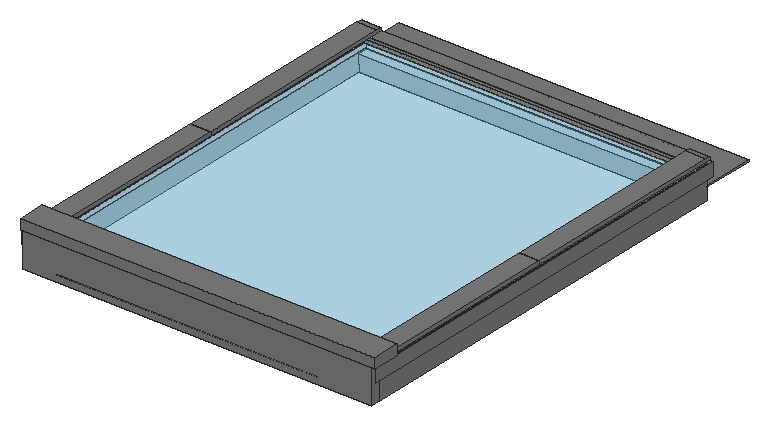
Revit family
Parameters (values of type "Default")
  g-value = "0.66"
  Window Opening Angle = 0.00°
  Window Area = 2.14
  Width = 1340.000 mm
  Warranty Years = "5 (10 with BDX)"
  Warranty = ""
  URL = "www.velux.com"
  ThermalTransmittance - Glazing = "1.1"
  ThermalTransmittance = "1.3"
  Thermal bridge(glazing) = 0.049
  Thermal bridge = "0.09"
  Thermal Transmittance(frame) = 1.3
  Stock Product = ""
  Square Reveal Length = 150.000 mm
  Sound Insulation db = 32
  Roof Slope = 45.00°
  Placement Height = 0.000 mm
  Perimeter Window = 5.88
  Perimeter Glazing = 5.13
  Panel Offset = -119.000 mm  # constant formula
  Operation Mode = "Manuel"
  Offset from Roof = Placement Height + 169.000 mm  # 169.000 mm
  Model = "New Generation - GGL"
  Material Internal = white paint color NCS 0500-N
  Material External = Aluminium. Color NCS 7500-N
  Manufacturer = "VELUX A/S"  # constant formula
  Light transmittance = "0.80"
  Height = 1600.000 mm
  GlazingAreaFraction = "1.63"
  Glazing = Standard, extra solar gain (--50)
  Function = "pivot hung roof window"
  Frame Area = 0.51
  Emergency Exit = 1 > 2  # no
  Delivery Time = ""
  Copyright = "VELUX A/S"  # constant formula
  Assembly Code = "B3020110"
  Apron Visible [instance] = yes
  Apron Material = Two layers of aluminium
  Angled opening top [instance] = 135.00°
  Angled opening bottom [instance] = 135.00°
  Angle = -(Window Opening Angle)  # 0.00°
  Allowed Roof Slope = "15°-90°"
Reference planes
  plane 1 "Center (Front/Back)": y = 0
  plane 2 "Roof": z = 4000
  plane 3 "Center (Left/Right)": x = 0
  plane 4: x = -690.1
  plane 5: x = 690.1
  plane 6: y = 817.55
  plane 7: y = -817.55
  plane 8: y = 75
  plane 9: y = -75
  plane 10: z = 4419
  plane 11: z = 4250
  plane 12: y = -797.55
  plane 13: y = -769.55
  plane 14: y = 769.55
  plane 15: x = -450
  plane 16: x = 450
  plane 17: z = 4331
  plane 18 "Roof Face": z = 4250
  plane 19: x = 463.5
  plane 20: x = -463.5
  plane 21: y = -767.45
  plane 22: z = 4175
  plane 23: y = 897.55
  plane 24: y = -897.55
  plane 25: x = 708.1
  plane 26: x = -708.1
  plane 27: x = 668.602
  plane 28: x = -668.602
  plane 29: x = -628
  plane 30: x = 628
  plane 31: y = -801.85
  plane 32: y = 809.15
  plane 33: x = 670
  plane 34: x = -670
  plane 35: y = 798.15
  plane 36: x = 642.697
  plane 37: x = -642.697
Forms (mm)
  Sweep 1, void
    path origin (0, 0, 4000) x (1, 0, 0) y (0, 1, 0)
      loop
        line (642.697, 0) -> (-642.697, 0)
    profile origin (0, 0, 4000) x (0, -1, 0) y (0, 0, 1)
      loop
        line (769.55, 250) -> (-769.55, 250) -> (-769.55, 100) -> (-869.55, 0) -> (869.55, 0) -> (769.55, 100) -> (769.55, 250)
  Sweep 2, solid, material "Aluminium. Color NCS 7500-N" <- "Material External"
    path origin (232.881, -1270, 4419) x (0, -1, 0) y (1, 0, 0)
      loop
        line (-502.55, -922.981) -> (-2068.15, -922.981)
    profile origin (-690.1, 15.35, 4419) x (-1, 0, 0) y (0, 0, 1)
      loop
        line (-56.4, -216) -> (-20.1, -216) -> (-20.1, -88.8) -> (-62.1, -88.8) -> (-62.096, -177.827) -> (-56.4, -216)
  Sweep 3, solid, material "Aluminium. Color NCS 7500-N" <- "Material External"
    path origin (232.881, -1270, 4419) x (0, -1, 0) y (1, 0, 0)
      loop
        line (-476.8, -922.981) -> (-2087.55, -922.981)
    profile origin (-690.1, 12.175, 4419) x (-1, 0, 0) y (0, 0, 1)
      loop
        line (-12.998, -138.3) -> (-11.998, -138.3) -> (-11.998, -87.65) -> (-38.148, -87.65) -> (-38.148, -78.15) -> (-39.148, -78.15) -> (-39.148, -88.65) -> (-12.998, -88.65) -> (-12.998, -138.3)
  Sweep 4, solid, material "Aluminium. Color NCS 7500-N" <- "Material External"
    path origin (232.881, -1270, 4419) x (0, -1, 0) y (1, 0, 0)
      loop
        line (-2068.15, 457.219) -> (-502.55, 457.219)
    profile origin (690.1, 15.35, 4419) x (1, 0, 0) y (0, 0, 1)
      loop
        line (-20.1, -88.8) -> (-62.1, -88.8) -> (-62.096, -177.8) -> (-56.388, -216) -> (-20.1, -216) -> (-20.1, -88.8)
  Sweep 5, solid, material "Aluminium. Color NCS 7500-N" <- "Material External"
    path origin (232.881, -1270, 4419) x (0, -1, 0) y (1, 0, 0)
      loop
        line (-452.45, -901.483) -> (-452.45, 435.721)
    profile origin (0, -817.55, 4419) x (0, 1, 0) y (0, 0, 1)
      loop
        line (31.3, -88.1) -> (15.7, -88.1) -> (15.7, -216) -> (56, -216) -> (56, -141.8) -> (39.4, -141.8) -> (39.4, -109.299) -> (31.3, -106.9) -> (31.3, -88.1)
  Sweep 6, solid, material "Aluminium. Color NCS 7500-N" <- "Material External"
    path origin (232.881, -1270, 4419) x (0, -1, 0) y (1, 0, 0)
      loop
        line (-2087.55, 402.721) -> (-2087.55, -859.483)
    profile origin (4.5, 817.55, 4419) x (0, -1, 0) y (0, 0, 1)
      loop
        line (19.4, -216) -> (55.977, -216) -> (55.977, -160) -> (43.65, -160) -> (32.021, -116.6) -> (19.4, -114.078) -> (19.4, -216)
  Sweep 7, solid, material "white paint color NCS 0500-N" <- "Material Internal"
    path origin (232.881, -1270, 4419) x (0, -1, 0) y (1, 0, 0)
      loop
        line (-452.45, -879.381) -> (-452.45, 413.619)
    profile origin (0, -817.55, 4419) x (0, 1, 0) y (0, 0, 1)
      loop
        line (31.3, -68.816) -> (31.3, -105.016) -> (39.4, -108.113) -> (39.4, -141.8) -> (80.4, -141.8) -> (80.4, -79.8) -> (70.4, -79.8) -> (70.4, -61.1) -> (39.556, -61.1) -> (31.3, -68.816)
  Sweep 8, solid, material "Aluminium. Color NCS 7500-N" <- "Material External"
    path origin (232.881, -1270, 4419) x (0, -1, 0) y (1, 0, 0)
      loop
        line (-1270, 457.219) -> (-476.8, 457.219)
    profile origin (690.1, -396.6, 4419) x (1, 0, 0) y (0, 0, 1)
      loop
        line (-22.917, -71) -> (-98.287, -71) -> (-98.287, -84.964) -> (-22.917, -84.964) -> (-22.917, -71)
  Sweep 9, solid, material "Aluminium. Color NCS 7500-N" <- "Material External"
    path origin (232.881, -1270, 4419) x (0, -1, 0) y (1, 0, 0)
      loop
        line (-452.45, 445.221) -> (-452.45, -910.983)
    profile origin (0, -817.55, 4419) x (0, -1, 0) y (0, 0, 1)
      loop
        line (-120.7, -87.95) -> (-15.7, -87.95) -> (-15.7, -47.9) -> (-120.7, -47.9) -> (-120.7, -87.95)
  Sweep 10, solid, material "Aluminium. Color NCS 7500-N" <- "Material External"
    path origin (232.881, -1270, 4419) x (0, -1, 0) y (1, 0, 0)
      loop
        line (-2087.55, 457.219) -> (-476.8, 457.219)
    profile origin (690.1, 12.175, 4419) x (1, 0, 0) y (0, 0, 1)
      loop
        line (-11.998, -138.3) -> (-11.998, -87.65) -> (-38.148, -87.65) -> (-38.148, -78.15) -> (-39.148, -78.15) -> (-39.148, -88.65) -> (-12.998, -88.65) -> (-12.998, -138.3) -> (-11.998, -138.3)
  Sweep 11, solid, material "Aluminium. Color NCS 7500-N" <- "Material External"
    path origin (232.881, -1270, 4419) x (0, -1, 0) y (1, 0, 0)
      loop
        line (-1270, -922.981) -> (-476.8, -922.981)
    profile origin (-690.1, -396.6, 4419) x (1, 0, 0) y (0, 0, 1)
      loop
        line (98.287, -71) -> (22.917, -71) -> (22.917, -84.964) -> (98.287, -84.964) -> (98.287, -71)
  Extrusion 12, solid, material "Two layers of aluminium" <- "Apron Material", visible <- "Apron Visible"
    sketch origin (232.881, -1380, 4250) x (0, -1, 0) y (1, 0, 0)
      loop
        line (-2178.15, -902.881) -> (-2178.15, 437.119) -> (-2378.15, 437.119) -> (-2378.15, -902.881) -> (-2178.15, -902.881)
    from 0 to 5
Cuts and joins
  joined: Sweep 2, Sweep 4, Sweep 5, Sweep 6
Lines and regions (mm)
  reference lines
    curve 1: line (0, 769.55, 4100) -> (0, -769.55, 4100)
    curve 2: line (0, 769.55, 4100) -> (0, 1179.961, 3689.589)
    curve 3: line (0, -769.55, 4100) -> (0, -1208.246, 3661.304)
    curve 8: line (-690.1, 0, 4419) -> (690.1, 0, 4419)
    curve 9: line (0, 0, 4250) -> (0, 900, 4250)
  symbolic lines
    curve 4: line (-690.1, 817.55, 4000) -> (0, -75, 4000)
    curve 5: line (0, -75, 4000) -> (690.1, 817.55, 4000)
    curve 6: line (-690.1, -817.55, 4000) -> (0, 75, 4000)
    curve 7: line (0, 75, 4000) -> (690.1, -817.55, 4000)
Dimensions and locks
  equal spacing: host sketch curve, plane 3 "Center (Left/Right)", host sketch curve
  equal spacing: host sketch curve, plane 1 "Center (Front/Back)", host sketch curve
  equal spacing: plane 4, plane 3 "Center (Left/Right)", plane 5
  "Width": plane 34 to plane 33
  equal spacing: plane 6, plane 1 "Center (Front/Back)", plane 7
  "Height": plane 35 to plane 31
  "Square Reveal Length": plane 18 "Roof Face" to curve 1
  plane 8 to plane 1 "Center (Front/Back)" to plane 9 = 75.000 mm locked, 75.000 mm locked
  locked: plane 7 to plane 12 at 20
  locked: plane 16 to plane 19 at 13.5
  locked: plane 20 to plane 15 at 13.5
  locked: plane 21 to plane 13 at 2.1
  locked: plane 27 to plane 5 at 21.498
  locked: plane 4 to plane 28 at 21.498
  locked: plane 13 to plane 24 at 128
  locked: plane 23 to plane 14 at 128
  locked: plane 7 to plane 13 at 48
  locked: plane 26 to plane 4 at 18
  locked: plane 5 to plane 25 at 18
  locked: plane 23 to plane 6 at 80
  locked: plane 10 to plane 11 at 169
  "Offset from Roof": plane 10 to host roof
  locked: plane 4 to plane 29 at 62.1
  locked: plane 30 to plane 5 at 62.1
  locked: plane 6 to plane 32 at 8.4
  locked: plane 31 to plane 12 at 4.3
  locked: plane 4 to plane 34 at 20.1
  locked: plane 33 to plane 5 at 20.1
  locked: Extrusion 12 sketch curve to Extrusion 12 sketch curve at 200
  locked: plane 32 to plane 35 at 11
  locked: plane 37 to plane 29 at 14.697
  locked: plane 36 to plane 30 at 14.697
  "Angled opening bottom": angle curve 2 to curve 1
  "Angled opening top": angle curve 1 to curve 3
  "Window Opening Angle": angle plane 11 to curve 9
  aligned and locked: level to plane 2 "Roof"
  aligned and locked: Sweep 1 sketch curve to plane 1 "Center (Front/Back)"
  aligned and locked: host roof to Sweep 1 sketch curve  (x2)
  aligned and locked: Sweep 1 sketch curve to curve 2
  aligned and locked: Sweep 1 sketch curve to curve 3
  aligned and locked: Sweep 2 sketch curve to plane 4
  aligned and locked: Sweep 3 sketch curve to plane 4
  aligned and locked: plane 6 to Sweep 3 sketch curve
  aligned and locked: Sweep 4 sketch curve to plane 5
  aligned and locked: Sweep 6 sketch curve to plane 6
  aligned and locked: Sweep 7 sketch curve to plane 7
  aligned and locked: plane 1 "Center (Front/Back)" to Sweep 8 sketch curve
  aligned and locked: Sweep 9 sketch curve to plane 7
  aligned and locked: Sweep 10 sketch curve to plane 5
  aligned and locked: Sweep 10 sketch curve to plane 6
  aligned and locked: Sweep 9 sketch curve to Sweep 10
  aligned and locked: Sweep 3 to Sweep 9 sketch curve
  aligned and locked: plane 1 "Center (Front/Back)" to Sweep 11 sketch curve
  aligned and locked: plane 13 to curve 1
  aligned and locked: Sweep 1 sketch curve to plane 13
  aligned and locked: plane 14 to Sweep 1 sketch curve
  aligned and locked: plane 14 to curve 1
  aligned and locked: plane 14 to curve 2
  aligned and locked: Sweep 4 sketch curve to plane 21
  aligned and locked: plane 21 to Sweep 2 sketch curve
  aligned and locked: Sweep 5 sketch curve to plane 27
  aligned and locked: plane 28 to Sweep 5 sketch curve
  aligned and locked: host roof to plane 18 "Roof Face"
  aligned and locked: plane 34 to Extrusion 12 sketch curve
  aligned and locked: Extrusion 12 sketch curve to plane 33
  aligned and locked: Sweep 6 sketch curve to plane 35
  aligned and locked: plane 35 to Sweep 2 sketch curve
  aligned and locked: Sweep 4 sketch curve to plane 35
  aligned and locked: Extrusion 12 sketch curve to plane 35
  aligned and locked: plane 34 to Sweep 2 sketch curve
  aligned and locked: plane 37 to Sweep 1 sketch curve
  aligned and locked: plane 36 to Sweep 1 sketch curve
Automatic sketch dimensions
  plane 1 "Center (Front/Back)" to curve 8 = 0.000 mm
  curve 8 to plane 5 = 0.000 mm
  plane 4 to curve 8 = 0.000 mm
  profile plane to Sweep 3 sketch curve = 39.148 mm
  Sweep 3 sketch curve to Sweep 3 sketch curve = 1.000 mm  (x3)
  profile plane to Sweep 3 sketch curve = 12.998 mm
  Sweep 3 sketch curve to profile plane = 138.300 mm
  Sweep 3 sketch curve to Sweep 3 sketch curve = 49.650 mm
  Sweep 3 sketch curve to Sweep 3 sketch curve = 9.500 mm
  plane 7 to Sweep 5 sketch curve = 0.000 mm
  Sweep 6 sketch curve to plane 4 = 63.498 mm
  profile plane to Sweep 10 sketch curve = 39.148 mm
  Sweep 10 sketch curve to Sweep 10 sketch curve = 1.000 mm  (x3)
  profile plane to Sweep 10 sketch curve = 12.998 mm
  Sweep 10 sketch curve to profile plane = 138.300 mm
  Sweep 10 sketch curve to profile plane = 88.650 mm
  Sweep 10 sketch curve to Sweep 10 sketch curve = 9.500 mm
  curve 6 to plane 7 = 0.000 mm
  curve 4 to plane 6 = 0.000 mm
  curve 7 to plane 8 = 0.000 mm
  curve 5 to plane 3 "Center (Left/Right)" = 0.000 mm
  curve 7 to plane 5 = 0.000 mm
  curve 5 to plane 5 = 0.000 mm
  plane 7 to curve 7 = 0.000 mm
  plane 9 to curve 5 = 0.000 mm
  plane 6 to curve 5 = 0.000 mm
  curve 6 to plane 3 "Center (Left/Right)" = 0.000 mm
  plane 4 to curve 4 = 0.000 mm
  plane 4 to curve 6 = 0.000 mm
  Sweep 8 sketch curve to plane 5 = 0.000 mm
  Sweep 11 sketch curve to profile plane = 22.917 mm
  Sweep 11 sketch curve to Sweep 11 sketch curve = 75.370 mm
  Sweep 11 sketch curve to plane 10 = 84.964 mm
  Sweep 11 sketch curve to Sweep 11 sketch curve = 13.964 mm
  profile plane to Sweep 8 sketch curve = 98.287 mm
  profile plane to Sweep 8 sketch curve = 22.917 mm
  Sweep 8 sketch curve to profile plane = 84.964 mm
  Sweep 8 sketch curve to Sweep 8 sketch curve = 13.964 mm
  profile plane to Sweep 9 sketch curve = 120.700 mm
  Sweep 11 sketch curve to plane 4 = 0.000 mm
  Sweep 10 sketch curve to plane 7 = 24.350 mm
  Sweep 3 sketch curve to plane 7 = 24.350 mm
  profile plane to Sweep 4 sketch curve = 20.100 mm
  Sweep 6 sketch curve to plane 5 = 54.498 mm
  curve 9 to plane 1 "Center (Front/Back)" = 0.000 mm
  plane 11 to curve 9 = 0.000 mm
  Sweep 7 sketch curve to profile plane = 31.300 mm
  Sweep 7 sketch curve to Sweep 7 sketch curve = 8.100 mm
  Sweep 7 sketch curve to Sweep 7 sketch curve = 8.256 mm
  Sweep 7 sketch curve to Sweep 7 sketch curve = 30.844 mm
  Sweep 7 sketch curve to Sweep 7 sketch curve = 10.000 mm
  Sweep 7 sketch curve to profile plane = 141.800 mm
  Sweep 7 sketch curve to Sweep 7 sketch curve = 33.687 mm
  Sweep 7 sketch curve to Sweep 7 sketch curve = 3.097 mm
  Sweep 7 sketch curve to Sweep 7 sketch curve = 36.200 mm
  Sweep 7 sketch curve to Sweep 7 sketch curve = 7.716 mm
  Sweep 7 sketch curve to Sweep 7 sketch curve = 18.700 mm
  Sweep 9 sketch curve to profile plane = 47.900 mm
  Sweep 9 sketch curve to Sweep 9 sketch curve = 40.050 mm
  Sweep 8 sketch curve to plane 12 = 4.350 mm
  Sweep 11 sketch curve to plane 12 = 4.350 mm
  profile plane to Sweep 9 sketch curve = 15.700 mm
  profile plane to Sweep 2 sketch curve = 62.100 mm
  profile plane to Sweep 2 sketch curve = 62.096 mm
  Sweep 2 sketch curve to Sweep 2 sketch curve = 5.696 mm
  Sweep 2 sketch curve to profile plane = 88.800 mm
  Sweep 2 sketch curve to Sweep 2 sketch curve = 127.200 mm
  Sweep 2 sketch curve to Sweep 2 sketch curve = 38.173 mm
  Sweep 2 sketch curve to Sweep 2 sketch curve = 0.000 mm
  Sweep 7 sketch curve to plane 29 = 18.500 mm
  Sweep 4 sketch curve to Sweep 4 sketch curve = 38.200 mm
  Sweep 4 sketch curve to Sweep 4 sketch curve = 42.000 mm
  Sweep 4 sketch curve to Sweep 4 sketch curve = 41.996 mm
  Sweep 4 sketch curve to Sweep 4 sketch curve = 36.288 mm
  Sweep 4 sketch curve to profile plane = 216.000 mm
  Sweep 4 sketch curve to Sweep 4 sketch curve = 0.000 mm
  Sweep 4 sketch curve to profile plane = 88.800 mm
  Sweep 7 sketch curve to plane 30 = 18.500 mm
  Sweep 5 sketch curve to profile plane = 15.700 mm
  Sweep 5 sketch curve to Sweep 5 sketch curve = 15.600 mm
  Sweep 5 sketch curve to Sweep 5 sketch curve = 8.100 mm
  Sweep 5 sketch curve to Sweep 5 sketch curve = 16.600 mm
  Sweep 5 sketch curve to profile plane = 216.000 mm
  Sweep 5 sketch curve to Sweep 5 sketch curve = 74.200 mm
  Sweep 5 sketch curve to Sweep 5 sketch curve = 32.501 mm
  Sweep 5 sketch curve to Sweep 5 sketch curve = 2.399 mm
  Sweep 5 sketch curve to Sweep 5 sketch curve = 18.800 mm
  Sweep 6 sketch curve to Sweep 6 sketch curve = 12.621 mm
  Sweep 6 sketch curve to profile plane = 43.650 mm
  Sweep 6 sketch curve to Sweep 6 sketch curve = 12.327 mm
  Sweep 6 sketch curve to profile plane = 216.000 mm
  Sweep 6 sketch curve to Sweep 6 sketch curve = 56.000 mm
  Sweep 6 sketch curve to Sweep 6 sketch curve = 43.400 mm
  Sweep 6 sketch curve to Sweep 6 sketch curve = 2.522 mm
Nested families
  nested 1: "GGL v.22_Openable" at (0, 0, 4131) x (-1, 0, 0) z (0, 0, 1), built-in parameter 1001364 <- "Panel Offset", type "GGL v.22_Openable"
    with Window Opening Angle 0.00°
Definition of nested family "GGL v.22_Openable"
  Parameters (values of type "GGL v.22_Openable")
    Window Opening Angle = 45.00°
    Width = 1340.000 mm
    Material Internal = white paint color NCS 0500-N
    Material External = Aluminium. Color NCS 7500-N
    Height = 1600.000 mm
    Glazing = Standard, extra solar gain (--50)
    Default Elevation = 1219.200 mm
    Assembly Code = ""
  Reference planes
    plane 1 "Center (Front/Back)": y = 0
    plane 2: z = 0
    plane 3 "Center (Left/Right)": x = 0
    plane 4: z = 119
  Forms (mm)
    Sweep 1, solid, material "white paint color NCS 0500-N" <- "Material Internal"
      path origin (0, 0, 119) x (0, -0.707107, 0.707107) y (1, 0, 0)
        loop
          line (-817.55, 593.9) -> (-817.55, -593.9)
      profile origin (0, 578.095, -459.095) x (0, -0.707107, 0.707107) y (0, 0.707107, 0.707107)
        loop
          line (85.072, 11.857) -> (60.5, 7.745) -> (60.5, -18.705) -> (115.096, -18.705) -> (122.727, 53.9) -> (103.6, 53.9) -> (103.6, 79.9) -> (85.072, 79.9) -> (85.072, 11.857)
        loop
          circle (94.835, -64.876) r 11.99
    Sweep 2, solid, material "white paint color NCS 0500-N" <- "Material Internal"
      path origin (0, 0, 119) x (0, -0.707107, 0.707107) y (1, 0, 0)
        loop
          line (817.55, -593.9) -> (817.55, 593.9)
      profile origin (0, -578.095, 697.095) x (0, 0.707107, -0.707107) y (0, 0.707107, 0.707107)
        loop
          line (41.589, -12.8) -> (103.517, -12.8) -> (110.526, 53.892) -> (69.398, 53.892) -> (69.398, 83.3) -> (54.407, 83.3) -> (53.746, 79.556) -> (-4.292, 79.556) -> (-3.889, 64.189) -> (41.589, 55.102) -> (41.589, -12.8)
    Sweep 3, solid, material "white paint color NCS 0500-N" <- "Material Internal"
      path origin (0, 0, 119) x (0, -0.707107, 0.707107) y (1, 0, 0)
        loop
          line (775.961, 690.1) -> (-732.55, 690.1)
      profile origin (690.1, -15.348, 134.348) x (-1, 0, 0) y (0, 0.707107, 0.707107)
        loop
          line (65.2, -12.8) -> (96.2, -12.8) -> (96.2, 79.9) -> (65.2, 79.9) -> (65.2, -12.8)
    Sweep 4, solid, material "white paint color NCS 0500-N" <- "Material Internal"
      path origin (0, 0, 119) x (0, -0.707107, 0.707107) y (1, 0, 0)
        loop
          line (-732.55, -690.1) -> (775.961, -690.1)
      profile origin (-690.1, -15.348, 134.348) x (1, 0, 0) y (0, 0.707107, 0.707107)
        loop
          line (96.2, -12.8) -> (96.2, 79.9) -> (65.2, 79.9) -> (65.2, -12.8) -> (96.2, -12.8)
    Extrusion 5, solid, material "Standard, extra solar gain (--50)" <- "Glazing"
      sketch origin (0, 0, 119) x (0, -0.707107, 0.707107) y (1, 0, 0)
        loop
          line (745.55, 593.1) -> (-707.55, 593.1) -> (-707.55, -593.1) -> (745.55, -593.1) -> (745.55, 593.1)
      from 54 to 58
    Extrusion 6, solid, material "Standard, extra solar gain (--50)" <- "Glazing"
      sketch origin (0, 0, 119) x (0, -0.707107, 0.707107) y (1, 0, 0)
        loop
          line (745.55, 593.1) -> (-707.55, 593.1) -> (-707.55, -593.1) -> (745.55, -593.1) -> (745.55, 593.1)
      from 75.5 to 79.5
    Sweep 7, solid, material "Aluminium. Color NCS 7500-N" <- "Material External"
      path origin (0, 0, 119) x (0, -0.707107, 0.707107) y (1, 0, 0)
        loop
          line (817.55, -650.5) -> (817.55, 650.5)
      profile origin (0, -578.095, 697.095) x (0, 0.707107, -0.707107) y (0, 0.707107, 0.707107)
        loop
          arc (83.524, 81.097) -> (76.247, 83.416) -> (68.65, 84.2) r 37.2
          line (68.65, 84.2) -> (51.813, 84.2) -> (51.171, 80.556) -> (-6.8, 80.556) -> (-6.8, 30.3) -> (-5.8, 30.3) -> (-5.8, 79.556) -> (52.01, 79.556) -> (52.652, 83.2) -> (68.65, 83.2)
          arc (68.65, 83.2) -> (76.194, 82.405) -> (83.406, 80.056) r 36.2
          line (83.406, 80.056) -> (83.524, 81.097)
    Sweep 8, solid, material "Aluminium. Color NCS 7500-N" <- "Material External"
      path origin (0, 0, 119) x (0, -0.707107, 0.707107) y (1, 0, 0)
        loop
          line (817.55, 690.1) -> (0, 690.1)
      profile origin (690.1, -289.048, 408.048) x (-1, 0, 0) y (0, 0.707107, 0.707107)
        loop
          line (98.287, 84.036) -> (98.287, 98) -> (22.917, 98) -> (22.917, 84.036) -> (98.287, 84.036)
    Sweep 9, solid, material "Aluminium. Color NCS 7500-N" <- "Material External"
      path origin (0, 0, 119) x (0, -0.707107, 0.707107) y (1, 0, 0)
        loop
          line (0, -690.1) -> (817.55, -690.1)
      profile origin (-690.1, -289.048, 408.048) x (1, 0, 0) y (0, 0.707107, 0.707107)
        loop
          line (22.917, 84.036) -> (98.287, 84.036) -> (98.287, 98) -> (22.917, 98) -> (22.917, 84.036)
    Sweep 10, solid, material "white paint color NCS 0500-N" <- "Material Internal"
      path origin (0, 0, 119) x (0, -0.707107, 0.707107) y (1, 0, 0)
        loop
          line (-757.05, -593.9) -> (-757.05, -578.9)
      profile origin (-586.4, 535.315, -416.315) x (0, 0.707107, -0.707107) y (0, 0.707107, 0.707107)
        loop
          arc (-45.33, -60.094) -> (-41.079, -74.789) -> (-25.85, -73.347) r 11.99
          arc (-25.85, -73.347) -> (-8.284, -48.221) -> (0, -18.705) r 91.534
          line (0, -18.705) -> (-44.831, -18.705)
          arc (-44.831, -18.705) -> (-38.204, -39.482) -> (-45.33, -60.094) r 34.582
    Sweep 11, solid, material "white paint color NCS 0500-N" <- "Material Internal"
      path origin (0, 0, 119) x (0, -0.707107, 0.707107) y (1, 0, 0)
        loop
          line (-757.05, 593.9) -> (-757.05, 578.9)
      profile origin (586.4, 535.315, -416.315) x (0, -0.707107, 0.707107) y (0, 0.707107, 0.707107)
        loop
          arc (45.33, -60.094) -> (38.204, -39.482) -> (44.831, -18.705) r 34.582
          line (44.831, -18.705) -> (0, -18.705)
          arc (0, -18.705) -> (8.284, -48.221) -> (25.85, -73.347) r 91.534
          arc (25.85, -73.347) -> (41.079, -74.789) -> (45.33, -60.094) r 11.99
    Sweep 12, solid, material "white paint color NCS 0500-N" <- "Material Internal"
      path origin (0, 0, 119) x (0, -0.707107, 0.707107) y (1, 0, 0)
        loop
          line (-817.55, 7.5) -> (-817.55, -7.5)
      profile origin (0, 578.095, -459.095) x (0, -0.707107, 0.707107) y (0, 0.707107, 0.707107)
        loop
          arc (105.83, -60.094) -> (98.704, -39.482) -> (105.331, -18.705) r 34.582
          line (105.331, -18.705) -> (60.5, -18.705)
          arc (60.5, -18.705) -> (68.784, -48.221) -> (86.35, -73.347) r 91.534
          arc (86.35, -73.347) -> (101.579, -74.789) -> (105.83, -60.094) r 11.99
    Sweep 13, void
      path origin (667.183, -508.799, 766.392) x (0, 0.707107, -0.707107) y (-1, 0, 0)
        loop
          line (0, 0) -> (0, 75.37)
      profile origin (629.498, -508.799, 766.392) x (0, -0.707107, 0.707107) y (0, 0.707107, 0.707107)
        loop
          line (0, 0) -> (-20, 0) -> (0, -3.5) -> (0, 0)
    Sweep 14, void
      path origin (-667.183, 69.296, 188.296) x (0, -0.707107, 0.707107) y (1, 0, 0)
        loop
          line (817.55, 0) -> (817.55, 75.37)
      profile origin (-629.498, -508.799, 766.392) x (0, 0.707107, -0.707107) y (0, 0.707107, 0.707107)
        loop
          line (0, 0) -> (0, -3.5) -> (20, 0) -> (0, 0)
  Cuts and joins
    joined: Sweep 1, Sweep 10, Sweep 11, Sweep 12
    Sweep 13, Sweep 14 cuts Sweep 2
    Sweep 13, Sweep 14 cuts Sweep 7
    Sweep 13 cuts Sweep 8
    Sweep 14 cuts Sweep 9
  Lines and regions (mm)
    reference lines
      curve 1: line (0, 0, 119) -> (0, -1187.939, 1306.939)
      curve 2: line (0, 0, 119) -> (0, 664.68, 783.68)
      curve 3: line (690.1, -578.095, 697.095) -> (690.1, 578.095, -459.095)
      curve 4: line (-690.1, -578.095, 697.095) -> (690.1, -578.095, 697.095)
      curve 5: line (-690.1, 578.095, -459.095) -> (-690.1, -578.095, 697.095)
      curve 6: line (690.1, 578.095, -459.095) -> (-690.1, 578.095, -459.095)
      curve 7: line (0, 0, 119) -> (-360, 0, 119)
      curve 8: line (-690.1, -527.183, 646.183) -> (690.1, -527.183, 646.183)
      curve 9: line (690.1, 500.313, -381.313) -> (-690.1, 500.313, -381.313)
      curve 10: line (593.1, -578.095, 697.095) -> (593.1, 500.313, -381.313)
      curve 11: line (-593.1, 500.313, -381.313) -> (-593.1, -578.095, 697.095)
      curve 12: line (690.1, 517.991, -398.991) -> (-690.1, 517.991, -398.991)
      curve 13: line (690.1, 566.994, -447.994) -> (-690.1, 566.994, -447.994)
      curve 14: line (-690.1, -572.155, 691.155) -> (690.1, -572.155, 691.155)
      curve 15: line (670, -578.095, 697.095) -> (670, 578.095, -459.095)
      curve 16: line (-670, 578.095, -459.095) -> (-670, -578.095, 697.095)
      curve 17: line (-690.1, -564.377, 683.377) -> (690.1, -564.377, 683.377)
  Dimensions and locks
    locked: plane 4 to level at 119
    equal spacing: curve 5, curve 1, curve 3
    "Width": curve 16 to curve 15
    equal spacing: curve 6, curve 7, curve 4
    "Height": curve 17 to curve 13
    locked: curve 4 to curve 8 at 72
    locked: curve 6 to curve 9 at 110
    locked: curve 10 to curve 3 at 97
    locked: curve 5 to curve 11 at 97
    locked: curve 4 to Sweep 3 sketch curve at 41.589
    locked: curve 4 to Sweep 4 sketch curve at 41.589
    locked: curve 6 to curve 12 at 85
    locked: Sweep 10 sketch curve to cut or joined group of Sweep 1, Sweep 10, Sweep 11, Sweep 12 at 15
    locked: Sweep 11 sketch curve to cut or joined group of Sweep 1, Sweep 10, Sweep 11, Sweep 12 at 15
    Sweep 12 sketch curve to curve 1 to Sweep 12 sketch curve = 7.500 mm locked, 7.500 mm locked
    locked: curve 4 to curve 14 at 8.4
    locked: curve 6 to curve 13 at 15.7
    locked: curve 15 to curve 3 at 20.1
    locked: curve 5 to curve 16 at 20.1
    locked: curve 14 to curve 17 at 11
    locked: Sweep 3 to Sweep 7 sketch curve at 56.6
    locked: Sweep 7 sketch curve to Sweep 4 at 56.6
    "Window Opening Angle": angle plane 4 to curve 1
    locked: curve 1 to curve 2 (angle 90.00°)
    locked: curve 7 to curve 1 (angle 90.00°)
    locked: curve 7 to curve 2 (angle 90.00°)
    aligned and locked: level to plane 2
    aligned and locked: curve 6 to Sweep 1 sketch curve
    aligned and locked: curve 4 to Sweep 2 sketch curve
    aligned and locked: curve 3 to Sweep 3 sketch curve
    aligned and locked: curve 5 to Sweep 4 sketch curve
    aligned and locked: curve 10 to Extrusion 5 sketch curve
    aligned and locked: curve 8 to Extrusion 5 sketch curve
    aligned and locked: Extrusion 5 sketch curve to curve 11
    aligned and locked: curve 9 to Extrusion 5 sketch curve
    aligned and locked: curve 10 to Extrusion 6 sketch curve
    aligned and locked: curve 8 to Extrusion 6 sketch curve
    aligned and locked: Extrusion 6 sketch curve to curve 11
    aligned and locked: curve 9 to Extrusion 6 sketch curve
    aligned and locked: curve 4 to Sweep 7 sketch curve
    aligned and locked: curve 3 to Sweep 8 sketch curve
    aligned and locked: curve 5 to Sweep 9 sketch curve
    aligned and locked: Sweep 9 sketch curve to curve 4
    aligned and locked: curve 7 to Sweep 9 sketch curve
    aligned and locked: curve 4 to Sweep 8 sketch curve
    aligned and locked: Sweep 8 sketch curve to curve 7
    aligned and locked: Sweep 3 sketch curve to curve 12
    aligned and locked: curve 12 to Sweep 4 sketch curve
    aligned and locked: Sweep 10 sketch curve to cut or joined group of Sweep 1, Sweep 10, Sweep 11, Sweep 12  (x2)
    aligned and locked: cut or joined group of Sweep 1, Sweep 10, Sweep 11, Sweep 12 to Sweep 11 sketch curve
    aligned and locked: Sweep 11 sketch curve to cut or joined group of Sweep 1, Sweep 10, Sweep 11, Sweep 12
    aligned and locked: curve 6 to Sweep 12 sketch curve
    aligned and locked: Sweep 13 sketch curve to Sweep 8  (x3)
    aligned and locked: Sweep 8 to Sweep 13 sketch curve
    aligned and locked: profile plane to Sweep 13 sketch curve
    aligned and locked: Sweep 14 sketch curve to Sweep 9  (x3)
    aligned and locked: Sweep 9 to Sweep 14 sketch curve
    aligned and locked: profile plane to Sweep 14 sketch curve
    aligned and locked: Sweep 2 sketch curve to Sweep 4
    aligned and locked: Sweep 3 to Sweep 2 sketch curve
    aligned and locked: Sweep 4 to Sweep 1 sketch curve
    aligned and locked: Sweep 1 sketch curve to Sweep 3
  Automatic sketch dimensions
    curve 2 to plane 1 "Center (Front/Back)" = 0.000 mm
    curve 2 to plane 4 = 0.000 mm
    curve 7 to curve 1 = 0.000 mm
    curve 7 to curve 1 = 360.000 mm
    profile plane to Sweep 1 sketch curve = 7.745 mm
    Sweep 1 sketch curve to profile plane = 60.500 mm
    profile plane to Sweep 1 sketch curve = 11.857 mm
    Sweep 1 sketch curve to Sweep 1 sketch curve = 24.572 mm
    Sweep 1 sketch curve to Sweep 1 sketch curve = 34.335 mm
    Sweep 1 sketch curve to Sweep 1 sketch curve = 18.528 mm
    Sweep 1 sketch curve to profile plane = 18.705 mm
    Sweep 1 sketch curve to Sweep 1 sketch curve = 30.024 mm
    profile plane to Sweep 1 sketch curve = 53.900 mm
    Sweep 1 sketch curve to Sweep 1 sketch curve = 19.127 mm
    Sweep 1 sketch curve to Sweep 1 sketch curve = 46.170 mm
    Sweep 1 sketch curve to Sweep 1 sketch curve = 26.000 mm
    profile plane to Sweep 2 sketch curve = 4.292 mm
    profile plane to Sweep 2 sketch curve = 3.889 mm
    Sweep 2 sketch curve to profile plane = 12.800 mm
    Sweep 2 sketch curve to profile plane = 41.589 mm
    Sweep 2 sketch curve to Sweep 2 sketch curve = 12.158 mm
    Sweep 2 sketch curve to Sweep 2 sketch curve = 0.660 mm
    Sweep 2 sketch curve to Sweep 2 sketch curve = 27.809 mm
    Sweep 2 sketch curve to Sweep 2 sketch curve = 61.928 mm
    profile plane to Sweep 2 sketch curve = 53.892 mm
    Sweep 2 sketch curve to Sweep 2 sketch curve = 41.128 mm
    Sweep 2 sketch curve to Sweep 2 sketch curve = 1.210 mm
    Sweep 2 sketch curve to Sweep 2 sketch curve = 9.087 mm
    Sweep 2 sketch curve to Sweep 2 sketch curve = 15.367 mm
    Sweep 2 sketch curve to Sweep 2 sketch curve = 3.744 mm
    Sweep 7 sketch curve to Sweep 7 sketch curve = 0.000 mm  (x2)
    profile plane to Sweep 7 sketch curve = 6.800 mm
    Sweep 7 sketch curve to Sweep 7 sketch curve = 1.000 mm  (x2)
    Sweep 7 sketch curve to profile plane = 51.171 mm
    Sweep 7 sketch curve to Sweep 7 sketch curve = 0.643 mm
    Sweep 7 sketch curve to Sweep 7 sketch curve = 0.839 mm  (x2)
    Sweep 7 sketch curve to Sweep 7 sketch curve = 15.998 mm
    Sweep 7 sketch curve to Sweep 7 sketch curve = 14.756 mm
    Sweep 7 sketch curve to Sweep 7 sketch curve = 0.118 mm
    profile plane to Sweep 7 sketch curve = 30.300 mm
    profile plane to Sweep 7 sketch curve = 47.000 mm
    Sweep 7 sketch curve to Sweep 7 sketch curve = 32.556 mm
    Sweep 7 sketch curve to Sweep 7 sketch curve = 0.500 mm
    Sweep 7 sketch curve to Sweep 7 sketch curve = 1.041 mm
    Sweep 8 sketch curve to profile plane = 22.917 mm
    Sweep 8 sketch curve to Sweep 8 sketch curve = 75.370 mm
    profile plane to Sweep 8 sketch curve = 84.036 mm
    Sweep 8 sketch curve to Sweep 8 sketch curve = 13.964 mm
    Sweep 9 sketch curve to profile plane = 22.917 mm
    Sweep 9 sketch curve to Sweep 9 sketch curve = 75.370 mm
    profile plane to Sweep 9 sketch curve = 84.036 mm
    Sweep 9 sketch curve to Sweep 9 sketch curve = 13.964 mm
    Sweep 10 sketch curve to profile plane = 0.000 mm
    profile plane to Sweep 10 sketch curve = 25.850 mm
    Sweep 10 sketch curve to Sweep 10 sketch curve = 8.485 mm
    Sweep 10 sketch curve to profile plane = 18.705 mm
    profile plane to Sweep 10 sketch curve = 44.831 mm
    Sweep 10 sketch curve to Sweep 10 sketch curve = 10.995 mm
    Sweep 10 sketch curve to Sweep 10 sketch curve = 27.454 mm
    Sweep 10 sketch curve to profile plane = 9.078 mm
    Sweep 10 sketch curve to Sweep 10 sketch curve = 18.243 mm
    Sweep 10 sketch curve to Sweep 10 sketch curve = 8.471 mm
    profile plane to Sweep 11 sketch curve = 0.000 mm
    Sweep 11 sketch curve to profile plane = 25.850 mm
    Sweep 11 sketch curve to Sweep 11 sketch curve = 8.485 mm
    Sweep 11 sketch curve to profile plane = 18.705 mm
    Sweep 11 sketch curve to Sweep 11 sketch curve = 44.831 mm
    Sweep 11 sketch curve to Sweep 11 sketch curve = 10.995 mm
    Sweep 11 sketch curve to Sweep 11 sketch curve = 27.454 mm
    Sweep 11 sketch curve to profile plane = 9.078 mm
    Sweep 11 sketch curve to Sweep 11 sketch curve = 18.243 mm
    Sweep 11 sketch curve to Sweep 11 sketch curve = 8.471 mm
    Sweep 12 sketch curve to profile plane = 18.705 mm
    Sweep 12 sketch curve to profile plane = 60.500 mm
    Sweep 12 sketch curve to Sweep 12 sketch curve = 25.850 mm
    Sweep 12 sketch curve to Sweep 12 sketch curve = 8.485 mm
    Sweep 12 sketch curve to Sweep 12 sketch curve = 44.831 mm
    Sweep 12 sketch curve to Sweep 12 sketch curve = 10.995 mm
    Sweep 12 sketch curve to Sweep 12 sketch curve = 27.454 mm
    Sweep 12 sketch curve to profile plane = 9.078 mm
    Sweep 12 sketch curve to Sweep 12 sketch curve = 18.243 mm
    Sweep 12 sketch curve to Sweep 12 sketch curve = 8.471 mm
    profile plane to Sweep 13 sketch curve = 20.000 mm
    Sweep 13 sketch curve to Sweep 13 sketch curve = 3.500 mm
    Sweep 14 sketch curve to profile plane = 20.000 mm
    Sweep 14 sketch curve to Sweep 14 sketch curve = 3.500 mm
    Sweep 3 sketch curve to profile plane = 12.800 mm
    Sweep 3 sketch curve to profile plane = 65.200 mm
    Sweep 4 sketch curve to Sweep 4 sketch curve = 31.000 mm
    Sweep 4 sketch curve to profile plane = 65.200 mm
    Sweep 4 sketch curve to Sweep 4 sketch curve = 92.700 mm
    Sweep 4 sketch curve to profile plane = 12.800 mm
    Sweep 3 sketch curve to Sweep 3 sketch curve = 31.000 mm
    profile plane to Sweep 3 sketch curve = 79.900 mm
    radius of Sweep 1 sketch curve = 11.990 mm
